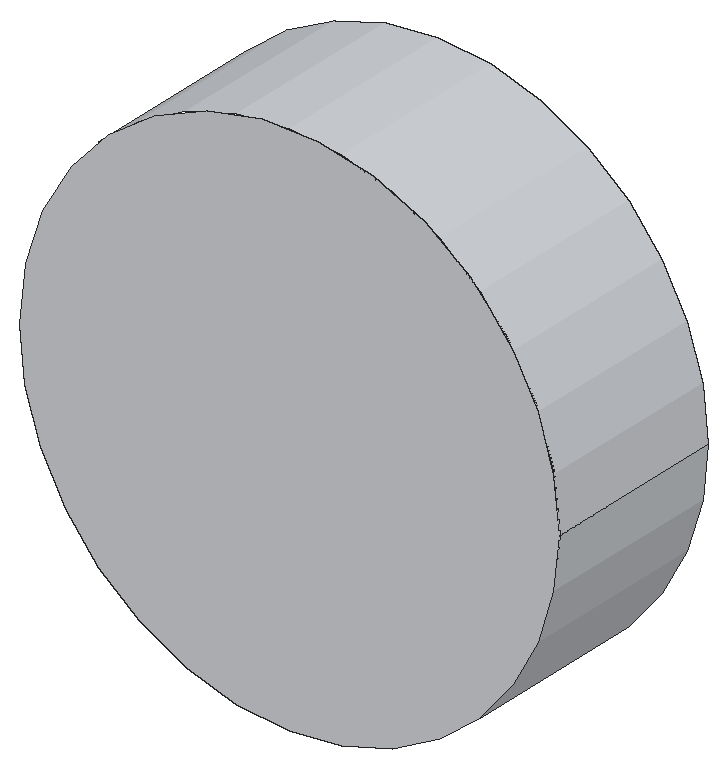
Revit family "PA_ROUND-BOTTLE-TRAP_LECICO_PC", category Pipe Accessories, Revit 2015
Parameters (values of type "Lecico Round Bottle Trap")
  Manufacturer = "Lecico"
  Description = "Round  Bottle ttrap"
  Created By = "Tolani Civil Projects cc"
Reference planes
  plane 1 "Center (Front/Back)": y = 0
  plane 2: z = 0
  plane 3 "Center (Left/Right)": x = 0
  plane 4: x = 0
Forms (mm)
  Extrusion 1, solid
    sketch origin (0, 0, 0) x (1, 0, 0) y (0, 0, 1)
      loop
        circle (0, 0) r 16
    from 0 to 10.999
Dimensions and locks
  locked: plane 1 "Center (Front/Back)" to import instance at 10.999  (x2)
  locked: import instance to plane 2 at 49.5
  aligned and locked: level to plane 2
  aligned and locked: plane 4 to Extrusion 1 sketch curve
  aligned and locked: plane 2 to Extrusion 1 sketch curve
  aligned and locked: Extrusion 1 to plane 1 "Center (Front/Back)"
  aligned and locked: Extrusion 1 to import instance
Connectors
  piping at (0, 0, 0), diameter 32
    settings: on Extrusion 1, index 2, connector inside diameter 609.6 mm, connector length 0 mm, flow factor 0, pipe flow 0.0 L/s, pressure drop 0.0 Pa, fitting loss kfactor 0, connector angle 0.00°, fixture units 0, engagement length 0 mm, angle of deflection 0.00°, flow configuration 0, flow direction 0, fitting loss method 0, system type 16, joint type 0, gender type 0, connector reference index -1, connector utility 0, adjustable connector no, is connector primary yes, connector description ""
